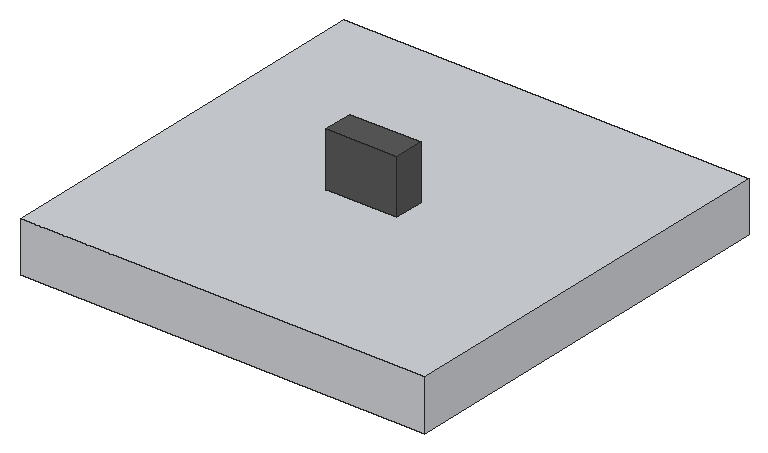
Revit family "r2018_videomax_server_OPS-SKUD_nastolnogo_ispolneniya", category Устройства связи, Revit 2018 (continued)
Definition of nested family "videomax_minitower"
  Lines and regions (mm)
    model lines, visible <- "Front_500", detail levels fine
      curve 1169: arc (91.339, 138.916, 0) -> (91.592, 138.765, 0) -> (91.722, 138.5, 0) r 0.517
      curve 1170: arc (91.722, 138.5, 0) -> (91.741, 138.174, 0) -> (91.73, 137.847, 0) r 3.538
      curve 1171: arc (91.73, 137.847, 0) -> (91.594, 137.527, 0) -> (91.283, 137.37, 0) r 0.506
      curve 1172: arc (91.283, 137.37, 0) -> (91.059, 137.353, 0) -> (90.836, 137.37, 0) r 1.454
      curve 1173: arc (90.836, 137.37, 0) -> (90.559, 137.541, 0) -> (90.448, 137.847, 0) r 0.493
      curve 1174: arc (90.448, 137.847, 0) -> (90.426, 138.174, 0) -> (90.448, 138.5, 0) r 2.406
      curve 1175: arc (94.599, 136.967, 0) -> (94.704, 136.762, 0) -> (94.898, 136.64, 0) r 0.437
      curve 1176: arc (95.413, 136.634, 0) -> (95.62, 136.755, 0) -> (95.732, 136.967, 0) r 0.437
      curve 1177: arc (97.254, 139.162, 0) -> (97.144, 139.485, 0) -> (96.844, 139.648, 0) r 0.469
      curve 1178: arc (96.844, 139.648, 0) -> (96.52, 139.682, 0) -> (96.196, 139.648, 0) r 1.531
      curve 1179: arc (96.196, 139.648, 0) -> (95.912, 139.482, 0) -> (95.746, 139.198, 0) r 0.642
      curve 1180: arc (95.251, 137.705, 0) -> (95.166, 137.625, 0) -> (95.082, 137.705, 0) r 0.085
      curve 1181: arc (94.583, 139.204, 0) -> (94.417, 139.484, 0) -> (94.136, 139.647, 0) r 0.645
      curve 1182: arc (94.136, 139.647, 0) -> (93.813, 139.682, 0) -> (93.491, 139.648, 0) r 1.515
      curve 1183: arc (93.491, 139.648, 0) -> (93.195, 139.484, 0) -> (93.082, 139.165, 0) r 0.478
      curve 1184: arc (99.826, 139.322, 0) -> (99.69, 139.527, 0) -> (99.475, 139.648, 0) r 0.524
      curve 1185: arc (99.475, 139.648, 0) -> (99.145, 139.682, 0) -> (98.815, 139.648, 0) r 1.588
      curve 1186: arc (98.815, 139.648, 0) -> (98.592, 139.533, 0) -> (98.455, 139.322, 0) r 0.487
      curve 1187: arc (85.094, 145.191, 0) -> (85.219, 145.101, 0) -> (85.344, 145.191, 0) r 0.132
      curve 1188: arc (86.859, 149.238, 0) -> (87.42, 150.064, 0) -> (88.339, 150.451, 0) r 1.757
      curve 1189: arc (88.339, 150.451, 0) -> (88.963, 150.479, 0) -> (89.581, 150.39, 0) r 3.339
      curve 1190: arc (87.144, 143.89, 0) -> (86.695, 143.179, 0) -> (85.962, 142.768, 0) r 1.716
      curve 1191: arc (85.962, 142.768, 0) -> (85.22, 142.678, 0) -> (84.479, 142.766, 0) r 3.132
      curve 1192: arc (84.479, 142.766, 0) -> (83.743, 143.177, 0) -> (83.292, 143.89, 0) r 1.708
      curve 1193: arc (90.235, 150.014, 0) -> (90.526, 149.661, 0) -> (90.733, 149.253, 0) r 2.097
      curve 1194: arc (93.475, 149.259, 0) -> (93.824, 149.864, 0) -> (94.378, 150.289, 0) r 1.789
      curve 1195: arc (94.378, 150.289, 0) -> (95.392, 150.482, 0) -> (96.409, 150.301, 0) r 2.857
      curve 1196: arc (96.409, 150.301, 0) -> (96.98, 149.875, 0) -> (97.338, 149.259, 0) r 1.781
      curve 1197: arc (95.564, 147.87, 0) -> (95.407, 147.997, 0) -> (95.249, 147.87, 0) r 0.161
      curve 1223: line (54.13, 173.523, 0) -> (68.325, 173.523, 0)
      curve 1224: line (68.325, 173.523, 0) -> (68.325, 179.795, 0)
      curve 1225: line (68.325, 179.795, 0) -> (54.13, 179.795, 0)
      curve 1226: line (54.13, 179.795, 0) -> (54.13, 173.523, 0)
      curve 1227: line (73.313, 179.795, 0) -> (87.508, 179.795, 0)
      curve 1228: line (87.508, 179.795, 0) -> (87.508, 173.523, 0)
      curve 1229: line (87.508, 173.523, 0) -> (73.313, 173.523, 0)
      curve 1230: line (73.313, 173.523, 0) -> (73.313, 179.795, 0)
      curve 1231: line (56.24, 177.388, 0) -> (66.215, 177.388, 0)
      curve 1232: line (75.423, 177.388, 0) -> (85.398, 177.388, 0)
      curve 1233: line (109.673, 174.162, 0) -> (107.238, 178.379, 0)
      curve 1234: line (107.238, 178.379, 0) -> (112.107, 178.379, 0)
      curve 1235: line (112.107, 178.379, 0) -> (109.673, 174.162, 0)
      curve 1236: line (138.004, 179.882, 0) -> (138.004, 176.837, 0)
      curve 1237: line (133.697, 199.498, 0) -> (133.717, 200.954, 0)
      curve 1238: line (134.947, 198.753, 0) -> (136.217, 199.464, 0)
      curve 1239: line (132.426, 198.788, 0) -> (131.176, 199.533, 0)
      curve 1240: line (133.697, 196.588, 0) -> (133.717, 195.133, 0)
      curve 1241: line (134.947, 197.333, 0) -> (136.217, 196.623, 0)
      curve 1242: line (132.426, 197.298, 0) -> (131.176, 196.553, 0)
      curve 1243: line (148.627, 199.209, 0) -> (148.627, 196.538, 0)
      curve 1244: line (152.131, 196.538, 0) -> (152.131, 199.209, 0)
      curve 1245: line (77.833, 158.118, 0) -> (104.228, 158.118, 0)
      curve 1246: line (105.633, 156.714, 0) -> (105.633, 130.309, 0)
      curve 1247: line (104.155, 128.969, 0) -> (77.654, 128.969, 0)
      curve 1248: line (76.484, 130.239, 0) -> (76.484, 156.768, 0)
      curve 1249: line (98.831, 137.946, 0) -> (99.447, 137.946, 0)
      curve 1250: line (99.447, 137.946, 0) -> (99.178, 138.712, 0)
      curve 1251: line (99.178, 138.712, 0) -> (98.831, 137.946, 0)
      curve 1252: line (79.071, 137.078, 0) -> (78.022, 139.648, 0)
      curve 1253: line (78.022, 139.648, 0) -> (79.062, 139.648, 0)
      curve 1254: line (79.062, 139.648, 0) -> (79.774, 137.585, 0)
      curve 1255: line (79.774, 137.585, 0) -> (80.595, 139.648, 0)
      curve 1256: line (80.595, 139.648, 0) -> (81.623, 139.648, 0)
      curve 1257: line (81.623, 139.648, 0) -> (80.573, 137.078, 0)
      curve 1258: line (81.805, 139.648, 0) -> (82.773, 139.648, 0)
      curve 1259: line (82.773, 139.648, 0) -> (82.773, 136.64, 0)
      curve 1260: line (82.773, 136.64, 0) -> (81.805, 136.64, 0)
      curve 1261: line (81.805, 136.64, 0) -> (81.805, 139.648, 0)
      curve 1262: line (83.662, 139.648, 0) -> (85.033, 139.648, 0)
      curve 1263: line (85.048, 136.64, 0) -> (83.697, 136.64, 0)
      curve 1264: line (83.203, 137.072, 0) -> (83.203, 139.129, 0)
      curve 1265: line (84.174, 137.565, 0) -> (84.174, 138.735, 0)
      curve 1266: line (86.994, 139.648, 0) -> (89.202, 139.648, 0)
      curve 1267: line (89.202, 139.648, 0) -> (89.202, 138.917, 0)
      curve 1268: line (89.202, 138.917, 0) -> (87.696, 138.917, 0)
      curve 1269: line (87.517, 138.744, 0) -> (87.517, 138.5, 0)
      curve 1270: line (87.517, 138.5, 0) -> (89.159, 138.5, 0)
      curve 1271: line (89.159, 138.5, 0) -> (89.159, 137.847, 0)
      curve 1272: line (89.159, 137.847, 0) -> (87.517, 137.847, 0)
      curve 1273: line (87.517, 137.847, 0) -> (87.517, 137.521, 0)
      curve 1274: line (87.712, 137.37, 0) -> (89.202, 137.37, 0)
      curve 1275: line (89.202, 137.37, 0) -> (89.202, 136.64, 0)
      curve 1276: line (89.202, 136.64, 0) -> (87.048, 136.64, 0)
      curve 1277: line (86.546, 137.121, 0) -> (86.546, 139.199, 0)
      curve 1278: line (93.082, 139.165, 0) -> (93.082, 136.64, 0)
      curve 1279: line (93.082, 136.64, 0) -> (94.057, 136.64, 0)
      curve 1280: line (94.057, 136.64, 0) -> (94.027, 138.5, 0)
      curve 1281: line (94.027, 138.5, 0) -> (94.599, 136.967, 0)
      curve 1282: line (94.898, 136.64, 0) -> (95.147, 136.605, 0)
      curve 1283: line (95.147, 136.605, 0) -> (95.413, 136.634, 0)
      curve 1284: line (95.732, 136.967, 0) -> (96.222, 138.5, 0)
      curve 1285: line (96.222, 138.5, 0) -> (96.274, 136.64, 0)
      curve 1286: line (96.274, 136.64, 0) -> (97.254, 136.64, 0)
      curve 1287: line (97.254, 136.64, 0) -> (97.254, 139.162, 0)
      curve 1288: line (95.746, 139.198, 0) -> (95.251, 137.705, 0)
      curve 1289: line (95.082, 137.705, 0) -> (94.583, 139.204, 0)
      curve 1290: line (100.718, 139.648, 0) -> (101.878, 139.648, 0)
      curve 1291: line (101.878, 139.648, 0) -> (102.389, 138.844, 0)
      curve 1292: line (102.389, 138.844, 0) -> (102.901, 139.648, 0)
      curve 1293: line (102.901, 139.648, 0) -> (104.061, 139.648, 0)
      curve 1294: line (104.061, 139.648, 0) -> (102.957, 138.165, 0)
      curve 1295: line (102.957, 138.165, 0) -> (104.095, 136.64, 0)
      curve 1296: line (104.095, 136.64, 0) -> (102.938, 136.64, 0)
      curve 1297: line (102.938, 136.64, 0) -> (102.389, 137.486, 0)
      curve 1298: line (102.389, 137.486, 0) -> (101.844, 136.64, 0)
      curve 1299: line (101.844, 136.64, 0) -> (100.69, 136.64, 0)
      curve 1300: line (100.69, 136.64, 0) -> (101.822, 138.165, 0)
      curve 1301: line (101.822, 138.165, 0) -> (100.718, 139.648, 0)
      curve 1302: line (98.455, 139.322, 0) -> (97.341, 136.64, 0)
      curve 1303: line (97.341, 136.64, 0) -> (98.363, 136.64, 0)
      curve 1304: line (98.363, 136.64, 0) -> (98.599, 137.258, 0)
      curve 1305: line (98.599, 137.258, 0) -> (99.682, 137.258, 0)
      curve 1306: line (99.682, 137.258, 0) -> (99.919, 136.64, 0)
      curve 1307: line (99.919, 136.64, 0) -> (100.935, 136.64, 0)
      curve 1308: line (100.935, 136.64, 0) -> (99.826, 139.322, 0)
      curve 1309: line (83.292, 143.89, 0) -> (80.6, 150.482, 0)
      curve 1310: line (80.6, 150.482, 0) -> (83.268, 150.482, 0)
      curve 1311: line (83.268, 150.482, 0) -> (85.094, 145.191, 0)
      curve 1312: line (85.344, 145.191, 0) -> (86.859, 149.238, 0)
      curve 1313: line (89.581, 150.39, 0) -> (87.144, 143.89, 0)
      curve 1314: line (90.733, 149.253, 0) -> (92.103, 145.9, 0)
      curve 1315: line (92.103, 145.9, 0) -> (93.475, 149.259, 0)
      curve 1316: line (97.338, 149.259, 0) -> (100.028, 142.673, 0)
      curve 1317: line (100.028, 142.673, 0) -> (97.359, 142.673, 0)
      curve 1318: line (97.359, 142.673, 0) -> (95.564, 147.87, 0)
      curve 1319: line (95.249, 147.87, 0) -> (93.438, 142.673, 0)
      curve 1320: line (93.438, 142.673, 0) -> (90.768, 142.673, 0)
      curve 1321: line (90.768, 142.673, 0) -> (89.184, 147.2, 0)
      curve 1322: line (89.184, 147.2, 0) -> (90.235, 150.014, 0)
    model lines, visible <- "Right_500", detail levels fine
      curve 877: line (-212.499, 0, 0) -> (212.499, 0, 0)
      curve 878: line (212.499, 0, 0) -> (212.499, 316.85, 0)
      curve 879: line (212.499, 316.85, 0) -> (-212.499, 316.85, 0)
      curve 880: line (-212.499, 316.85, 0) -> (-212.499, 0, 0)
      curve 881: line (212.499, 316.85, 0) -> (-178.484, 316.85, 0)
      curve 882: line (-178.484, 316.85, 0) -> (-178.484, 308.704, 0)
      curve 883: line (-178.484, 308.704, 0) -> (212.499, 308.704, 0)
      curve 884: line (212.499, 308.704, 0) -> (212.499, 316.85, 0)
      curve 885: line (-178.484, 316.85, 0) -> (-212.501, 316.85, 0)
      curve 886: line (-212.501, 316.85, 0) -> (-212.501, 0.001, 0)
      curve 887: line (-212.501, 0.001, 0) -> (-178.484, 0.001, 0)
      curve 888: line (-178.484, 0.001, 0) -> (-178.484, 316.85, 0)
      curve 1839: line (922.21, 0, 0) -> (1347.209, 0, 0)
      curve 1840: line (1347.209, 0, 0) -> (1347.209, 316.85, 0)
      curve 1841: line (1347.209, 316.85, 0) -> (922.21, 316.85, 0)
      curve 1842: line (922.21, 316.85, 0) -> (922.21, 0, 0)
      curve 1843: line (1347.209, 316.85, 0) -> (956.225, 316.85, 0)
      curve 1844: line (956.225, 316.85, 0) -> (956.225, 308.704, 0)
      curve 1845: line (956.225, 308.704, 0) -> (1347.209, 308.704, 0)
      curve 1846: line (1347.209, 308.704, 0) -> (1347.209, 316.85, 0)
      curve 1847: line (956.225, 316.85, 0) -> (922.209, 316.85, 0)
      curve 1848: line (922.209, 316.85, 0) -> (922.209, 0.001, 0)
      curve 1849: line (922.209, 0.001, 0) -> (956.225, 0.001, 0)
      curve 1850: line (956.225, 0.001, 0) -> (956.225, 316.85, 0)
    model lines, visible <- "Front", detail levels fine
      curve 1000: line (-90, 316.85, 0) -> (90, 316.85, 0)
      curve 1001: line (90, 316.85, 0) -> (90, 0, 0)
      curve 1002: line (90, 0, 0) -> (-90, 0, 0)
      curve 1003: line (-90, 0, 0) -> (-90, 316.85, 0)
      curve 1004: line (-73.441, 300.292, 0) -> (75.558, 300.292, 0)
      curve 1005: line (75.558, 300.292, 0) -> (75.558, 257.292, 0)
      curve 1006: line (75.558, 257.292, 0) -> (-73.441, 257.292, 0)
      curve 1007: line (-73.441, 257.292, 0) -> (-73.441, 300.292, 0)
      curve 1008: line (-73.441, 257.292, 0) -> (75.558, 257.292, 0)
      curve 1009: line (75.558, 257.292, 0) -> (75.558, 214.291, 0)
      curve 1010: line (75.558, 214.291, 0) -> (-73.441, 214.291, 0)
      curve 1011: line (-73.441, 214.291, 0) -> (-73.441, 257.292, 0)
      curve 1012: line (-73.441, 214.291, 0) -> (75.558, 214.291, 0)
      curve 1013: line (75.558, 214.291, 0) -> (75.558, 189.159, 0)
      curve 1014: line (75.558, 189.159, 0) -> (-73.441, 189.159, 0)
      curve 1015: line (-73.441, 189.159, 0) -> (-73.441, 214.291, 0)
      curve 1016: line (-73.441, 189.159, 0) -> (75.558, 189.159, 0)
      curve 1017: line (75.558, 189.159, 0) -> (75.558, 164.027, 0)
      curve 1018: line (75.558, 164.027, 0) -> (-73.441, 164.027, 0)
      curve 1019: line (-73.441, 164.027, 0) -> (-73.441, 189.159, 0)
      curve 1020: line (-73.441, 164.027, 0) -> (75.558, 164.027, 0)
      curve 1021: line (75.558, 164.027, 0) -> (75.558, 16.558, 0)
      curve 1022: line (75.558, 16.558, 0) -> (-73.441, 16.558, 0)
      curve 1023: line (-73.441, 16.558, 0) -> (-73.441, 164.027, 0)
      curve 1024: line (28.559, 214.159, 0) -> (28.559, 189.159, 0)
      curve 1198: line (0, 316.85, 0) -> (179.999, 316.85, 0)
      curve 1199: line (179.999, 316.85, 0) -> (179.999, 0, 0)
      curve 1200: line (179.999, 0, 0) -> (0, 0, 0)
      curve 1201: line (0, 0, 0) -> (0, 316.85, 0)
      curve 1202: line (16.558, 300.292, 0) -> (165.558, 300.292, 0)
      curve 1203: line (165.558, 300.292, 0) -> (165.558, 257.292, 0)
      curve 1204: line (165.558, 257.292, 0) -> (16.558, 257.292, 0)
      curve 1205: line (16.558, 257.292, 0) -> (16.558, 300.292, 0)
      curve 1206: line (16.558, 257.292, 0) -> (165.558, 257.292, 0)
      curve 1207: line (165.558, 257.292, 0) -> (165.558, 214.291, 0)
      curve 1208: line (165.558, 214.291, 0) -> (16.558, 214.291, 0)
      curve 1209: line (16.558, 214.291, 0) -> (16.558, 257.292, 0)
      curve 1210: line (16.558, 214.291, 0) -> (165.558, 214.291, 0)
      curve 1211: line (165.558, 214.291, 0) -> (165.558, 189.159, 0)
      curve 1212: line (165.558, 189.159, 0) -> (16.558, 189.159, 0)
      curve 1213: line (16.558, 189.159, 0) -> (16.558, 214.291, 0)
      curve 1214: line (16.558, 189.159, 0) -> (165.558, 189.159, 0)
      curve 1215: line (165.558, 189.159, 0) -> (165.558, 164.027, 0)
      curve 1216: line (165.558, 164.027, 0) -> (16.558, 164.027, 0)
      curve 1217: line (16.558, 164.027, 0) -> (16.558, 189.159, 0)
      curve 1218: line (16.558, 164.027, 0) -> (165.558, 164.027, 0)
      curve 1219: line (165.558, 164.027, 0) -> (165.558, 16.558, 0)
      curve 1220: line (165.558, 16.558, 0) -> (16.558, 16.558, 0)
      curve 1221: line (16.558, 16.558, 0) -> (16.558, 164.027, 0)
      curve 1222: line (118.559, 214.159, 0) -> (118.559, 189.159, 0)
  Dimensions and locks
    aligned and locked: level to plane 2
